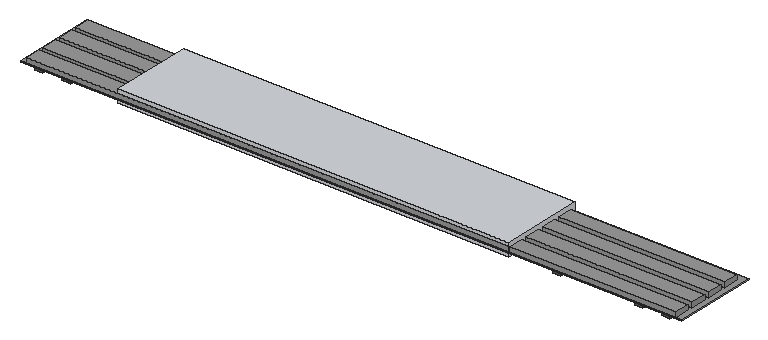
Revit family "2113-4, Solid", category Generic Models, host Face, Revit 2020
Family settings
  Host = Face
  Can host rebar = No
  Round Connector Dimension = Use Diameter
  Part Type = Normal
  Cut with Voids When Loaded = No
  Shared = No
  Room Calculation Point = No
Parameters
  min_value [instance] = 1' - 11 1/4"  # constant formula
  max_value [instance] = 11' - 11 1/4"  # constant formula
  actual_value [instance] = if(NET LENGTH < min_value, min_value, if(NET LENGTH > max_value, max_value, NET LENGTH))  # 7' - 11 1/4"
  SCRIM MATERIAL [instance] = SCRIM
  SCRIM [instance] = yes
  NET LENGTH [instance] = 7' - 11 1/4"
  Default Elevation = 4' - 0"
  BACKER MATERIAL [instance] = BLACK-BACKERS
  .. MEMBER WIDTH [instance] = 0' - 2 1/4"  # constant formula
  .. MEMBER MATERIAL [instance] = Solid Western Hemlock
  .. MEMBER LENGTH [instance] = actual_value  # 7' - 11 1/4"
  .. MEMBER DEPTH [instance] = 0' - 0 3/4"  # constant formula
  .. MEMBER COUNT [instance] = 4  # constant formula
  IMPORTANT NOTE!!!                                                                             *Backer layout is for visualization purposes only, final layout to be determined by 9Wood. [instance] = ""
Reference planes (in)
  plane 1 "Center (Front/Back)": y = 0
  plane 2: z = 1.82209
  plane 3 "Center (Left/Right)": x = 0
Forms (in)
  Extrusion 1, solid
    sketch origin (132, -33.80483, 0) x (1, 0, 0) y (0, 1, 0)
      loop
        line (-118.625, 33.80483) -> (-61.26146, 33.80483) -> (-61.26146, 45.86733) -> (-118.625, 45.86733) -> (-118.625, 33.80483)
    from 1.82209 to 0
Dimensions and locks (in)
  aligned and locked: Extrusion 1 to plane 2
  aligned and locked: plane 3 "Center (Left/Right)" to nested 1
Nested families (in)
  nested 1: "1100 SERIES CONFIG" at (0, 2, 0), .. MEMBER DEPTH <- ".. MEMBER DEPTH", .. MEMBER LENGTH <- ".. MEMBER LENGTH", .. MEMBER WIDTH <- ".. MEMBER WIDTH", .. MEMBER MATERIAL <- ".. MEMBER MATERIAL", BACKING M MATERIAL <- "BACKER MATERIAL", SCRIM  MATERIAL <- "SCRIM MATERIAL", .. MEMBER COUNT <- ".. MEMBER COUNT", SCRIM <- "SCRIM", type "1100 SERIES CONFIG"
    with X 7' - 8", SCRIM OVERHANG 2 0' - 0 3/32", SCRIM OVERHANG 0' - 0 7/8", SCRIM LENGTH 8' - 1", SCRIM  MATERIAL SCRIM, SCRIM yes, NOMINAL LENGTH 7, N 8, Inset 6' - 0 3/8", INSET 0' - 1", INDEX 0' - 5 5/8", HALF MEMBER WIDTH 0' - 1 1/8", HALF LENGTH 3' - 11 5/8", END BACKER yes, BACKING M WIDTH 0' - 1 1/4", BACKING M OC SPACING 1' - 0", BACKING M MATERIAL BLACK-BACKERS, BACKING M LENGTH 0' - 11 7/8", BACKING M DEPTH 0' - 0 1/2", BACKING M COUNT 8, 3/16" INSET 0' - 0 3/16", .. MEMBER WIDTH 0' - 2 1/4", .. MEMBER OC SPACING 0' - 3", .. MEMBER MATERIAL Solid Western Hemlock, .. MEMBER LENGTH 7' - 11 1/4", .. MEMBER DEPTH 0' - 0 3/4", .. MEMBER COUNT 4
Definition of nested family "1100 SERIES CONFIG"
  Parameters (values of type "1100 SERIES CONFIG")
    X [instance] = .. MEMBER LENGTH - 0' 3 1/4"  # 5' - 5"
    SCRIM OVERHANG 2 [instance] = 0' - 0 3/32"  # constant formula
    SCRIM OVERHANG [instance] = 0' - 0 7/8"  # constant formula
    SCRIM LENGTH [instance] = .. MEMBER LENGTH + (SCRIM OVERHANG * 2)  # 5' - 10"
    SCRIM  MATERIAL [instance] = none
    SCRIM [instance] = yes
    NOMINAL LENGTH [instance] = 7
    N [instance] = if((X - (rounddown(X / 1' 0") * 1' 0")) > 1' 0", rounddown(X / 1' 0") + 2, rounddown(X / 1' 0") + 1)  # 6
    Inset [instance] = 6' - 0 3/8"  # constant formula
    INSET [instance] = 0' - 1"  # constant formula
    END BACKER [instance] = INDEX > 0' 3 5/8"  # yes
    INDEX [instance] = (.. MEMBER LENGTH - ((N - 1) * 1' 0")) / 2  # 0' - 4 1/8"
    HALF MEMBER WIDTH [instance] = .. MEMBER WIDTH / 2  # 0' - 0 5/16"
    HALF LENGTH [instance] = .. MEMBER LENGTH / 2  # 2' - 10 1/8"
    Default Elevation = 0' - 0"
    BACKING M WIDTH [instance] = 0' - 1 1/4"
    BACKING M SPACING = 3' - 3"
    BACKING M MATERIAL [instance] = none
    BACKING M LENGTH [instance] = 0' - 11 7/8"
    BACKING M DEPTH [instance] = 0' - 0 1/2"
    BACKING M COUNT [instance] = N  # 6
    BACKING M OC SPACING [instance] = 1' - 0"  # constant formula
    3/16" INSET [instance] = 0' - 0 3/16"  # constant formula
    .. MEMBER WIDTH [instance] = 0' - 0 5/8"
    .. MEMBER OC SPACING [instance] = 1' 0" / .. MEMBER COUNT  # 0' - 4"
    .. MEMBER MATERIAL [instance] = none
    .. MEMBER LENGTH [instance] = 5' - 8 1/4"
    .. MEMBER DEPTH [instance] = 0' - 1 3/8"
    .. MEMBER COUNT [instance] = 3
  Reference planes (in)
    plane 1 "Center (Front/Back)": y = -2
    plane 2: z = 0
    plane 3 "Center (Left/Right)": x = 0
    plane 4: x = 1
    plane 5: x = 4.125
    plane 6: x = 34.125
    plane 7: x = 68.25
    plane 8: x = 67.25
    plane 9: x = 16.125
    plane 10: y = -1.8125
    plane 11: y = -1.6875
    plane 12: y = 2.3125
    plane 13: x = 69.125
    plane 14: x = -0.875
    plane 15: z = 0.5
    plane 16: z = 0.5625
    plane 17: y = 10.0625
    plane 18: y = 10.15625
    plane 19: y = -2.09375
  Dimensions and locks (in)
    "INSET": plane 3 "Center (Left/Right)" to plane 4
    "INDEX": plane 3 "Center (Left/Right)" to plane 5
    "HALF LENGTH": plane 3 "Center (Left/Right)" to plane 6
    ".. MEMBER LENGTH": plane 3 "Center (Left/Right)" to plane 7
    "INSET": plane 8 to plane 7
    equal spacing: group 2, group 3, group 6, group 7, group 8, group 9  (x3)
    "3/16" INSET": plane 1 "Center (Front/Back)" to plane 10
    ".. MEMBER OC SPACING": plane 12 to plane 11
    "SCRIM OVERHANG": plane 14 to plane 3 "Center (Left/Right)"
    "SCRIM OVERHANG": plane 7 to plane 13
    equal spacing: group 1, group 4, group 5  (x2)
    equal spacing: group 5, group 4, group 1
    "HALF MEMBER WIDTH": plane 1 "Center (Front/Back)" to plane 11
    "BACKING M OC SPACING": plane 5 to plane 9
    "SCRIM OVERHANG 2": plane 18 to plane 17
    "SCRIM OVERHANG 2": plane 19 to plane 1 "Center (Front/Back)"
    aligned and locked: level to plane 2
    aligned and locked: plane 6 to nested 1
    aligned and locked: nested 2 to plane 4
    aligned and locked: plane 5 to nested 3
    aligned and locked: plane 1 "Center (Front/Back)" to nested 1
    aligned and locked: nested 2 to plane 10
    aligned and locked: nested 3 to plane 10
    aligned and locked: nested 5 to plane 10
    aligned and locked: nested 4 to plane 10
    aligned and locked: nested 6 to plane 14
    aligned and locked: plane 12 to nested 7
    aligned and locked: nested 7 to plane 3 "Center (Left/Right)"
    aligned and locked: plane 9 to nested 5
    aligned and locked: plane 8 to nested 4
    aligned and locked: plane 15 to nested 2
    aligned and locked: nested 6 to plane 15
    aligned and locked: nested 1 to plane 16
    aligned and locked: nested 7 to plane 16
    aligned and locked: nested 6 to plane 19
  Nested families (in)
    nested 1: "INSTANCE - Parametric Cube" at (34.125, -1.6875, 1.9375), Length <- ".. MEMBER WIDTH", Height <- ".. MEMBER DEPTH", Width <- ".. MEMBER LENGTH", Material <- ".. MEMBER MATERIAL", type "INSTANCE - Parametric Cube"
      with Width 5' - 8 1/4", Material none, Length 0' - 0 5/8", Height 0' - 1 3/8"
    nested 2: "2ND INSTANCE - Parametric Cube" at (1.625, 4.125, 0), Height <- "BACKING M DEPTH", Length <- "BACKING M LENGTH", Width <- "BACKING M WIDTH", Material <- "BACKING M MATERIAL", visible <- "END BACKER", type "2ND INSTANCE - Parametric Cube"
      with Width 0' - 1 1/4", Material none, Length 0' - 11 7/8", Height 0' - 0 1/2"
    nested 3: "2ND INSTANCE - Parametric Cube" at (4.125, 4.125, 0), Length <- "BACKING M LENGTH", Height <- "BACKING M DEPTH", Width <- "BACKING M WIDTH", Material <- "BACKING M MATERIAL", type "2ND INSTANCE - Parametric Cube"
      with Width 0' - 1 1/4", Material none, Length 0' - 11 7/8", Height 0' - 0 1/2"
    nested 4: "2ND INSTANCE - Parametric Cube" at (66.625, 4.125, 0), Width <- "BACKING M WIDTH", Length <- "BACKING M LENGTH", Height <- "BACKING M DEPTH", Material <- "BACKING M MATERIAL", visible <- "END BACKER", type "2ND INSTANCE - Parametric Cube"
      with Width 0' - 1 1/4", Material none, Length 0' - 11 7/8", Height 0' - 0 1/2"
    nested 5: "2ND INSTANCE - Parametric Cube" at (16.125, 4.125, 0), Length <- "BACKING M LENGTH", Height <- "BACKING M DEPTH", Width <- "BACKING M WIDTH", Material <- "BACKING M MATERIAL", type "2ND INSTANCE - Parametric Cube"
      with Width 0' - 1 1/4", Material none, Length 0' - 11 7/8", Height 0' - 0 1/2"
    nested 6: "3RD INSTANCE - Parametric Cube" at (34.125, 4.0445, 0.5), Width <- "SCRIM LENGTH", Material <- "SCRIM  MATERIAL", visible <- "SCRIM", type "3RD INSTANCE - Parametric Cube"
      with Width 5' - 10", Material none, Length 1' - 0.27649", Height 0' - 0 1/16"
    nested 7: "INSTANCE - Parametric Cube" at (34.125, 2.3125, 1.9375), Length <- ".. MEMBER WIDTH", Height <- ".. MEMBER DEPTH", Width <- ".. MEMBER LENGTH", Material <- ".. MEMBER MATERIAL", type "INSTANCE - Parametric Cube"
      with Width 5' - 8 1/4", Material none, Length 0' - 0 5/8", Height 0' - 1 3/8"
    nested 8: "INSTANCE - Parametric Cube" at (34.125, 6.3125, 1.9375), Length <- ".. MEMBER WIDTH", Height <- ".. MEMBER DEPTH", Width <- ".. MEMBER LENGTH", Material <- ".. MEMBER MATERIAL", type "INSTANCE - Parametric Cube"
      with Width 5' - 8 1/4", Material none, Length 0' - 0 5/8", Height 0' - 1 3/8"
    nested 9: "2ND INSTANCE - Parametric Cube" at (28.125, 4.125, 0), Length <- "BACKING M LENGTH", Height <- "BACKING M DEPTH", Width <- "BACKING M WIDTH", Material <- "BACKING M MATERIAL", type "2ND INSTANCE - Parametric Cube"
      with Width 0' - 1 1/4", Material none, Length 0' - 11 7/8", Height 0' - 0 1/2"
    nested 10: "2ND INSTANCE - Parametric Cube" at (40.125, 4.125, 0), Length <- "BACKING M LENGTH", Height <- "BACKING M DEPTH", Width <- "BACKING M WIDTH", Material <- "BACKING M MATERIAL", type "2ND INSTANCE - Parametric Cube"
      with Width 0' - 1 1/4", Material none, Length 0' - 11 7/8", Height 0' - 0 1/2"
    nested 11: "2ND INSTANCE - Parametric Cube" at (52.125, 4.125, 0), Length <- "BACKING M LENGTH", Height <- "BACKING M DEPTH", Width <- "BACKING M WIDTH", Material <- "BACKING M MATERIAL", type "2ND INSTANCE - Parametric Cube"
      with Width 0' - 1 1/4", Material none, Length 0' - 11 7/8", Height 0' - 0 1/2"
    nested 12: "2ND INSTANCE - Parametric Cube" at (64.125, 4.125, 0), Length <- "BACKING M LENGTH", Height <- "BACKING M DEPTH", Width <- "BACKING M WIDTH", Material <- "BACKING M MATERIAL", type "2ND INSTANCE - Parametric Cube"
      with Width 0' - 1 1/4", Material none, Length 0' - 11 7/8", Height 0' - 0 1/2"
  Definition of nested family "INSTANCE - Parametric Cube"
    Parameters (values of type "INSTANCE - Parametric Cube")
      Width [instance] = 0' - 6"
      Material [instance] = none
      Length [instance] = 1' - 0"
      Height [instance] = 1' - 6"
      Default Elevation = 0' - 0"
    Reference planes (in)
      plane 1 "Center (Front/Back)": y = 0
      plane 2: z = 0
      plane 3 "Center (Left/Right)": x = 0
      plane 4: x = -3
      plane 5: x = 3
      plane 6: y = 6
      plane 7: y = -6
      plane 8: z = -18
    Forms (in)
      Extrusion 1, solid, material <- "Material"
        sketch origin (0, 0, 0) x (1, 0, 0) y (0, 1, 0)
          loop
            line (-3, 6) -> (-3, -6) -> (3, -6) -> (3, 6) -> (-3, 6)
        from -18 to 0
    Dimensions and locks (in)
      equal spacing: plane 4, plane 3 "Center (Left/Right)", plane 5
      equal spacing: plane 6, plane 1 "Center (Front/Back)", plane 7
      "Length": plane 6 to plane 7
      "Width": plane 4 to plane 5
      "Height": plane 8 to level
      aligned and locked: plane 2 to level
      aligned and locked: Extrusion 1 sketch curve to plane 6
      aligned and locked: plane 4 to Extrusion 1 sketch curve
      aligned and locked: plane 7 to Extrusion 1 sketch curve
      aligned and locked: Extrusion 1 sketch curve to plane 5
      aligned and locked: Extrusion 1 to plane 8
  Definition of nested family "2ND INSTANCE - Parametric Cube"
    Parameters (values of type "2ND INSTANCE - Parametric Cube")
      Width [instance] = 0' - 6"
      Material [instance] = none
      Length [instance] = 1' - 0"
      Height [instance] = 1' - 6"
      Default Elevation = 0' - 0"
    Reference planes (in)
      plane 1 "Center (Front/Back)": y = 0
      plane 2: z = 0
      plane 3 "Center (Left/Right)": x = 0
      plane 4: x = -3
      plane 5: x = 3
      plane 6: y = 6
      plane 7: y = -6
      plane 8: z = 18
    Forms (in)
      Extrusion 1, solid, material <- "Material"
        sketch origin (0, 0, 0) x (1, 0, 0) y (0, 1, 0)
          loop
            line (-3, 6) -> (-3, -6) -> (3, -6) -> (3, 6) -> (-3, 6)
        from 0 to 18
    Dimensions and locks (in)
      equal spacing: plane 4, plane 3 "Center (Left/Right)", plane 5
      equal spacing: plane 6, plane 1 "Center (Front/Back)", plane 7
      "Length": plane 6 to plane 7
      "Width": plane 4 to plane 5
      "Height": level to plane 8
      aligned and locked: plane 2 to level
      aligned and locked: Extrusion 1 sketch curve to plane 6
      aligned and locked: plane 4 to Extrusion 1 sketch curve
      aligned and locked: plane 7 to Extrusion 1 sketch curve
      aligned and locked: Extrusion 1 sketch curve to plane 5
      aligned and locked: plane 8 to Extrusion 1
      aligned and locked: Extrusion 1 to level
  Definition of nested family "3RD INSTANCE - Parametric Cube"
    Parameters (values of type "3RD INSTANCE - Parametric Cube")
      Width [instance] = 0' - 6"
      Material [instance] = none
      Length [instance] = 1' - 0"
      Height [instance] = 1' - 6"
      Default Elevation = 0' - 0"
    Reference planes (in)
      plane 1 "Center (Front/Back)": y = 0
      plane 2: z = 0
      plane 3 "Center (Left/Right)": x = 0
      plane 4: x = -3
      plane 5: x = 3
      plane 6: y = 6
      plane 7: y = -6
      plane 8: z = 18
    Forms (in)
      Extrusion 1, solid, material <- "Material"
        sketch origin (0, 0, 0) x (1, 0, 0) y (0, 1, 0)
          loop
            line (-3, 6) -> (-3, -6) -> (3, -6) -> (3, 6) -> (-3, 6)
        from 0 to 18
    Dimensions and locks (in)
      equal spacing: plane 4, plane 3 "Center (Left/Right)", plane 5
      equal spacing: plane 6, plane 1 "Center (Front/Back)", plane 7
      "Length": plane 6 to plane 7
      "Width": plane 4 to plane 5
      "Height": level to plane 8
      aligned and locked: plane 2 to level
      aligned and locked: Extrusion 1 sketch curve to plane 6
      aligned and locked: plane 4 to Extrusion 1 sketch curve
      aligned and locked: plane 7 to Extrusion 1 sketch curve
      aligned and locked: Extrusion 1 sketch curve to plane 5
      aligned and locked: plane 8 to Extrusion 1
      aligned and locked: Extrusion 1 to level
